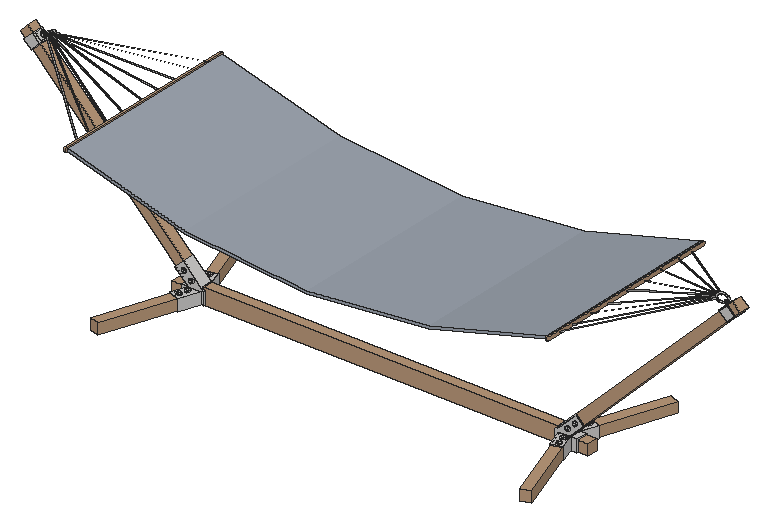
Revit family
Parameters
  Wood = Wood Pane
  Subcategory = "Outdoor Furniture"  # constant formula
  SmartBIM Object Version = 3  # constant formula
  SmartBIM Object Created By = "SMARTBIM, LLC"  # constant formula
  Metal = Steel
  Manufacturer = "SMARTBIM"
  Default Elevation = 4' - 0"
  Cloth = Fabric
  Assembly Code = "E2020500"
  95 CSI = "02870"  # constant formula
  04 CSI = "12 93 00"  # constant formula
Reference planes (in)
  plane 1 "Center (Front/Back)": y = -0.63654
  plane 2: z = 0
  plane 3 "Center (Left/Right)": x = -5.10105
  plane 4: x = -39.10105
  plane 5: x = 28.89895
  plane 6: y = -18.98029
  plane 7: y = 17.70721
  plane 8: z = 4
  plane 9: z = 3
  plane 10: y = 0.36346
  plane 11: y = -1.63654
  plane 12: x = -44.53855
  plane 13: x = -42.53855
  plane 14: z = 35.75
  plane 15: z = 0.375
  plane 16: z = 1.375
  plane 17: z = 0.25
  plane 18: z = 0.125
  plane 19: z = 30.4375
  plane 20: x = -50.88949
  plane 21: x = -73.29263
Forms (in)
  Extrusion 1, solid, material "Wood Pane" <- "Wood"
    sketch origin (0, -0.63654, 0.375) x (1, 0, 0) y (0, 0, 1)
      loop
        line (-39.10105, 2.1875) -> (-39.10105, 0) -> (28.89895, 0) -> (28.89895, 2.1875) -> (28.52008, 3)
        arc (28.52008, 3) -> (-5.10105, 4) -> (-38.72217, 3) r 565.69002
        line (-38.72217, 3) -> (-39.10105, 2.1875)
    from -1 to 1
  Extrusion 2, solid, material "Wood Pane" <- "Wood"
    sketch origin (-0.24845, -6.46645, 0.375) x (0.984808, -0.173648, 0) y (0.173648, 0.984808, 0)
      loop
        line (-39.10105, -1.99014) -> (-41.07431, -1.66423) -> (-43.9992, -19.37312) -> (-42.02594, -19.69904) -> (-39.10105, -1.99014)
    from 0 to 2
  Extrusion 3, solid, material "Wood Pane" <- "Wood"
    sketch origin (0.18944, 0.36346, 0.375) x (1, 0, 0) y (0, 0, 1)
      loop
        line (-38.63286, 2.315) -> (-72.06786, 35.75) -> (-73.48207, 34.33579) -> (-40.04707, 0.90079) -> (-38.63286, 2.315)
    from 0 to 2
  Extrusion 4, solid, material "Steel" <- "Metal"
    sketch origin (0, -0.63654, 0.375) x (1, 0, 0) y (0, 0, 1)
      loop
        line (-42.24412, 6.29248) -> (-43.83511, 4.70149) -> (-41.13362, 2) -> (-39.10105, 2) -> (-39.10105, 0) -> (-38.35503, 0) -> (-38.35503, 2.40339) -> (-42.24412, 6.29248)
    from 1 to 1.125
  Extrusion 5, solid, material "Steel" <- "Metal"
    sketch origin (-45.05662, -18.56849, 0.375) x (-0.943347, 0.331809, 0) y (0, 0, -1)
      loop
        line (2, -2) -> (2, 0) -> (0, 0) -> (0, -2) -> (2, -2)
      loop
        line (2.125, -2.125) -> (2.125, 0.125) -> (-0.125, 0.125) -> (-0.125, -2.125) -> (2.125, -2.125)
    from -17.94881 to -13.94881
  Extrusion 6, solid, material "Steel" <- "Metal"
    sketch origin (0, 0, 0.375) x (1, 0, 0) y (0, 1, 0)
      loop
        line (-40.86554, -2.4274) -> (-41.09166, -2.81906) -> (-40.86554, -3.21072) -> (-40.41329, -3.21072) -> (-40.18717, -2.81906) -> (-40.41329, -2.4274) -> (-40.86554, -2.4274)
    from 2.125 to 2.25
  Blend 7, solid, material "Steel" <- "Metal"
    base sketch origin (0, 0, 0.375) x (1, 0, 0) y (0, 1, 0)
      loop
        line (-40.86554, -2.4274) -> (-41.09166, -2.81906) -> (-40.86554, -3.21072) -> (-40.41329, -3.21072) -> (-40.18717, -2.81906) -> (-40.41329, -2.4274) -> (-40.86554, -2.4274)
    top sketch origin (0, 0, 0.375) x (1, 0, 0) y (0, 1, 0)
      loop
        line (-40.79337, -2.5524) -> (-40.94733, -2.81906) -> (-40.79337, -3.08572) -> (-40.48546, -3.08572) -> (-40.3315, -2.81906) -> (-40.48546, -2.5524) -> (-40.79337, -2.5524)
    from 2.25 to 2.375
  Extrusion 8, solid, material "Steel" <- "Metal"
    sketch origin (-0.46353, -1.42658, 0.375) x (1, 0, 0) y (0, 1, 0)
      loop
        line (-40.86554, -2.4274) -> (-41.09166, -2.81906) -> (-40.86554, -3.21072) -> (-40.41329, -3.21072) -> (-40.18717, -2.81906) -> (-40.41329, -2.4274) -> (-40.86554, -2.4274)
    from 2.125 to 2.25
  Blend 9, solid, material "Steel" <- "Metal"
    base sketch origin (-0.46353, -1.42658, 0.375) x (1, 0, 0) y (0, 1, 0)
      loop
        line (-40.86554, -2.4274) -> (-41.09166, -2.81906) -> (-40.86554, -3.21072) -> (-40.41329, -3.21072) -> (-40.18717, -2.81906) -> (-40.41329, -2.4274) -> (-40.86554, -2.4274)
    top sketch origin (-0.46353, -1.42658, 0.375) x (1, 0, 0) y (0, 1, 0)
      loop
        line (-40.79337, -2.5524) -> (-40.94733, -2.81906) -> (-40.79337, -3.08572) -> (-40.48546, -3.08572) -> (-40.3315, -2.81906) -> (-40.48546, -2.5524) -> (-40.79337, -2.5524)
    from 2.25 to 2.375
  Extrusion 10, solid, material "Steel" <- "Metal"
    sketch origin (-0.46353, -1.42658, 2.375) x (0, -1, 0) y (1, 0, 0)
      loop
        line (2.4274, -40.86554) -> (2.81906, -41.09166) -> (3.21072, -40.86554) -> (3.21072, -40.41329) -> (2.81906, -40.18717) -> (2.4274, -40.41329) -> (2.4274, -40.86554)
    from -2.125 to -2.25
  Blend 11, solid, material "Steel" <- "Metal"
    base sketch origin (-0.46353, -1.42658, 2.375) x (0, -1, 0) y (1, 0, 0)
      loop
        line (2.4274, -40.86554) -> (2.81906, -41.09166) -> (3.21072, -40.86554) -> (3.21072, -40.41329) -> (2.81906, -40.18717) -> (2.4274, -40.41329) -> (2.4274, -40.86554)
    top sketch origin (-0.46353, -1.42658, 2.375) x (0, -1, 0) y (1, 0, 0)
      loop
        line (2.5524, -40.79337) -> (2.81906, -40.94733) -> (3.08572, -40.79337) -> (3.08572, -40.48546) -> (2.81906, -40.3315) -> (2.5524, -40.48546) -> (2.5524, -40.79337)
    from -2.25 to -2.375
  Extrusion 12, solid, material "Steel" <- "Metal"
    sketch origin (0, 0, 2.375) x (0, -1, 0) y (1, 0, 0)
      loop
        line (2.4274, -40.86554) -> (2.81906, -41.09166) -> (3.21072, -40.86554) -> (3.21072, -40.41329) -> (2.81906, -40.18717) -> (2.4274, -40.41329) -> (2.4274, -40.86554)
    from -2.125 to -2.25
  Blend 13, solid, material "Steel" <- "Metal"
    base sketch origin (0, 0, 2.375) x (0, -1, 0) y (1, 0, 0)
      loop
        line (2.4274, -40.86554) -> (2.81906, -41.09166) -> (3.21072, -40.86554) -> (3.21072, -40.41329) -> (2.81906, -40.18717) -> (2.4274, -40.41329) -> (2.4274, -40.86554)
    top sketch origin (0, 0, 2.375) x (0, -1, 0) y (1, 0, 0)
      loop
        line (2.5524, -40.79337) -> (2.81906, -40.94733) -> (3.08572, -40.79337) -> (3.08572, -40.48546) -> (2.81906, -40.3315) -> (2.5524, -40.48546) -> (2.5524, -40.79337)
    from -2.25 to -2.375
  Extrusion 14, solid, material "Steel" <- "Metal"
    sketch origin (0, -0.63654, 0) x (1, 0, 0) y (0, 0, 1)
      loop
        line (-42.56095, 5.25719) -> (-42.56095, 4.81754) -> (-42.1802, 4.59771) -> (-41.79945, 4.81754) -> (-41.79945, 5.25719) -> (-42.1802, 5.47701) -> (-42.56095, 5.25719)
    from 1.125 to 1.25
  Blend 15, solid, material "Steel" <- "Metal"
    base sketch origin (0, -0.63654, 0) x (1, 0, 0) y (0, 0, 1)
      loop
        line (-42.1802, 5.47701) -> (-42.56095, 5.25719) -> (-42.56095, 4.81754) -> (-42.1802, 4.59771) -> (-41.79945, 4.81754) -> (-41.79945, 5.25719) -> (-42.1802, 5.47701)
    top sketch origin (0, -0.63654, 0) x (1, 0, 0) y (0, 0, 1)
      loop
        line (-42.1802, 5.33268) -> (-42.43595, 5.18502) -> (-42.43595, 4.88971) -> (-42.1802, 4.74205) -> (-41.92445, 4.88971) -> (-41.92445, 5.18502) -> (-42.1802, 5.33268)
    from 1.25 to 1.375
  Extrusion 16, solid, material "Steel" <- "Metal"
    sketch origin (1.40873, -0.63654, -1.31366) x (1, 0, 0) y (0, 0, 1)
      loop
        line (-42.56095, 5.25719) -> (-42.56095, 4.81754) -> (-42.1802, 4.59771) -> (-41.79945, 4.81754) -> (-41.79945, 5.25719) -> (-42.1802, 5.47701) -> (-42.56095, 5.25719)
    from 1.125 to 1.25
  Blend 17, solid, material "Steel" <- "Metal"
    base sketch origin (1.40873, -0.63654, -1.31366) x (1, 0, 0) y (0, 0, 1)
      loop
        line (-42.1802, 5.47701) -> (-42.56095, 5.25719) -> (-42.56095, 4.81754) -> (-42.1802, 4.59771) -> (-41.79945, 4.81754) -> (-41.79945, 5.25719) -> (-42.1802, 5.47701)
    top sketch origin (1.40873, -0.63654, -1.31366) x (1, 0, 0) y (0, 0, 1)
      loop
        line (-42.1802, 5.33268) -> (-42.43595, 5.18502) -> (-42.43595, 4.88971) -> (-42.1802, 4.74205) -> (-41.92445, 4.88971) -> (-41.92445, 5.18502) -> (-42.1802, 5.33268)
    from 1.25 to 1.375
  Extrusion 18, solid, material "Steel" <- "Metal"
    sketch origin (-77.88883, 0.36346, 42.13541) x (-0.707107, 0, -0.707107) y (0, -1, 0)
      loop
        line (0, 0) -> (2, 0) -> (2, 2) -> (0, 2) -> (0, 0)
      loop
        line (2.125, -0.125) -> (2.125, 2.125) -> (-0.125, 2.125) -> (-0.125, -0.125) -> (2.125, -0.125)
    from -11.77459 to -9.77459
  Extrusion 19, solid, material "Steel" <- "Metal"
    sketch origin (-77.80044, -1.63654, 42.2238) x (0, -1, 0) y (0.707107, 0, -0.707107)
      loop
        line (-1.625, 10.02459) -> (-0.375, 10.02459) -> (-0.375, 11.52459) -> (-1.625, 11.52459) -> (-1.625, 10.02459)
    from 0 to 0.04545
  Extrusion 20, solid, material "Steel" <- "Metal"
    sketch origin (-77.7683, -1.63654, 42.25594) x (0, -1, 0) y (0.707107, 0, -0.707107)
      loop
        line (-0.9632, 10.58377) -> (-0.9632, 10.81148) -> (-1.08826, 10.81148) -> (-1.08826, 10.58377) -> (-0.9632, 10.58377)
    from 0 to 0.07621
  Extrusion 21, solid, material "Steel" <- "Metal"
    sketch origin (0.08278, -0.63654, 0.08278) x (1, 0, 0) y (0, 0, 1)
      loop
        circle (-69.99944, 34.89187) r 0.32709
      loop
        circle (-69.99944, 34.89187) r 0.25
    from -0.08826 to 0.0368
  Sweep 22, solid, material "Steel" <- "Metal"
    path origin (-79.24389, -1.63654, 31.03753) x (0, -1, 0) y (0.927184, 0, 0.374607)
      loop
        circle (-1.32224, 11.09279) r 0.96422
    profile origin (-68.06483, -0.3143, 35.55416) x (-0.927184, 0, -0.374607) y (-0.374607, 0, 0.927184)
      loop
        circle (0, 0) r 0.10305
  Extrusion 23, solid, material "Wood Pane" <- "Wood"
    sketch origin (-5.10105, 0, 0) x (0, 1, 0) y (0, 0, 1)
      loop
        line (17.70721, 30.4375) -> (-18.98029, 30.4375)
        arc (-18.98029, 30.4375) -> (-19.32404, 30.09375) -> (-18.98029, 29.75) r 0.34375
        line (-18.98029, 29.75) -> (17.70721, 29.75)
        arc (17.70721, 29.75) -> (18.05096, 30.09375) -> (17.70721, 30.4375) r 0.34375
    from -45.78845 to -45.47595
  Sweep 24, solid, material "Steel" <- "Metal"
    path origin (0, -0.63654, 0.31517) x (1, 0, 0) y (0, 0, 1)
      loop
        line (-68.04953, 35.18444) -> (-50.88949, 29.75)
    profile origin (-59.46951, -0.63654, 32.78239) x (0.301913, 0, 0.953335) y (0, -1, 0)
      loop
        circle (0, -0.25) r 0.0558
  Sweep 25, solid, material "Steel" <- "Metal"
    path origin (-1.92223, -16.99814, 0.31517) x (0.970296, -0.241922, 0) y (0, 0, -1)
      loop
        line (-68.09689, -35.19944) -> (-50.4216, -29.60182)
    profile origin (-59.42123, -2.66203, 32.71581) x (-0.292945, 0.073039, -0.953335) y (0.241922, 0.970296, 0)
      loop
        circle (0, -0.25) r 0.0558
  Sweep 26, solid, material "Steel" <- "Metal"
    path origin (-6.33526, -29.44906, 0.31517) x (0.906308, -0.422618, 0) y (0, 0, -1)
      loop
        line (-68.09689, -35.19944) -> (-49.11198, -29.75561)
    profile origin (-59.44892, -4.68175, 32.7927) x (-0.249812, 0.116489, -0.961262) y (0.422618, 0.906308, 0)
      loop
        circle (0, -0.25) r 0.0558
  Sweep 27, solid, material "Steel" <- "Metal"
    path origin (-12.38373, -39.81714, 0.31517) x (0.819152, -0.573576, 0) y (0, 0, -1)
      loop
        line (-68.09689, -35.19944) -> (-46.79956, -29.68369)
    profile origin (-59.44257, -6.8662, 32.75674) x (-0.205374, 0.143805, -0.968061) y (0.573576, 0.819152, 0)
      loop
        circle (0, -0.25) r 0.0558
  Sweep 28, solid, material "Steel" <- "Metal"
    path origin (-16.36527, -44.85718, 0.31517) x (0.765755, -0.643132, 0) y (0, 0, -1)
      loop
        line (-68.23577, -35.03047) -> (-44.82916, -29.72666)
    profile origin (-59.65529, -8.49932, 32.69374) x (-0.169226, 0.142127, -0.975276) y (0.643132, 0.765755, 0)
      loop
        circle (0, -0.25) r 0.0558
  Sweep 29, solid, material "Steel" <- "Metal"
    path origin (-1.92223, 15.72506, 0.31517) x (0.970296, 0.241922, 0) y (0, 0, 1)
      loop
        line (-68.09689, 35.19944) -> (-50.4216, 29.60182)
    profile origin (-59.42123, 1.38895, 32.71581) x (0.292945, 0.073039, 0.953335) y (0.241922, -0.970296, 0)
      loop
        circle (0, -0.25) r 0.0558
  Sweep 30, solid, material "Steel" <- "Metal"
    path origin (-6.33526, 28.17598, 0.31517) x (0.906308, 0.422618, 0) y (0, 0, 1)
      loop
        line (-68.09689, 35.19944) -> (-49.11198, 29.75561)
    profile origin (-59.44892, 3.40867, 32.7927) x (0.249812, 0.116489, 0.961262) y (0.422618, -0.906308, 0)
      loop
        circle (0, -0.25) r 0.0558
  Sweep 31, solid, material "Steel" <- "Metal"
    path origin (-12.38373, 38.54407, 0.31517) x (0.819152, 0.573576, 0) y (0, 0, 1)
      loop
        line (-68.09689, 35.19944) -> (-46.79956, 29.68369)
    profile origin (-59.44257, 5.59312, 32.75674) x (0.205374, 0.143805, 0.968061) y (0.573576, -0.819152, 0)
      loop
        circle (0, -0.25) r 0.0558
  Sweep 32, solid, material "Steel" <- "Metal"
    path origin (-16.36527, 43.5841, 0.31517) x (0.765755, 0.643132, 0) y (0, 0, 1)
      loop
        line (-67.62383, 34.89181) -> (-44.82916, 29.72666)
    profile origin (-59.42099, 7.42302, 32.62441) x (0.169226, 0.142127, 0.975276) y (0.643132, -0.765755, 0)
      loop
        circle (0, -0.25) r 0.0558
  Extrusion 33, solid, material "Wood Pane" <- "Wood"
    sketch origin (-0.24845, 5.19338, 0.375) x (0.984808, 0.173648, 0) y (-0.173648, 0.984808, 0)
      loop
        line (-39.10105, 1.99014) -> (-42.02594, 19.69904) -> (-43.9992, 19.37312) -> (-41.07431, 1.66423) -> (-39.10105, 1.99014)
    from 0 to 2
  Extrusion 34, solid, material "Steel" <- "Metal"
    sketch origin (0, -0.63654, 0.375) x (1, 0, 0) y (0, 0, -1)
      loop
        line (-42.24412, -6.29248) -> (-38.35503, -2.40339) -> (-38.35503, 0) -> (-39.10105, 0) -> (-39.10105, -2) -> (-41.13362, -2) -> (-43.83511, -4.70149) -> (-42.24412, -6.29248)
    from 1 to 1.125
  Extrusion 35, solid, material "Steel" <- "Metal"
    sketch origin (-45.05662, 17.29541, 0.375) x (-0.943347, -0.331809, 0) y (0, 0, 1)
      loop
        line (2, 2) -> (0, 2) -> (0, 0) -> (2, 0) -> (2, 2)
      loop
        line (2.125, 2.125) -> (-0.125, 2.125) -> (-0.125, -0.125) -> (2.125, -0.125) -> (2.125, 2.125)
    from -17.94881 to -13.94881
  Extrusion 36, solid, material "Steel" <- "Metal"
    sketch origin (0, -1.27308, 0.375) x (1, 0, 0) y (0, 1, 0)
      loop
        line (-40.86554, 2.4274) -> (-40.41329, 2.4274) -> (-40.18717, 2.81906) -> (-40.41329, 3.21072) -> (-40.86554, 3.21072) -> (-41.09166, 2.81906) -> (-40.86554, 2.4274)
    from 2.125 to 2.25
  Blend 37, solid, material "Steel" <- "Metal"
    base sketch origin (0, -1.27308, 0.375) x (1, 0, 0) y (0, 1, 0)
      loop
        line (-40.86554, 2.4274) -> (-40.41329, 2.4274) -> (-40.18717, 2.81906) -> (-40.41329, 3.21072) -> (-40.86554, 3.21072) -> (-41.09166, 2.81906) -> (-40.86554, 2.4274)
    top sketch origin (0, -1.27308, 0.375) x (1, 0, 0) y (0, 1, 0)
      loop
        line (-40.79337, 2.5524) -> (-40.48546, 2.5524) -> (-40.3315, 2.81906) -> (-40.48546, 3.08572) -> (-40.79337, 3.08572) -> (-40.94733, 2.81906) -> (-40.79337, 2.5524)
    from 2.25 to 2.375
  Extrusion 38, solid, material "Steel" <- "Metal"
    sketch origin (-0.46353, 0.15351, 0.375) x (1, 0, 0) y (0, 1, 0)
      loop
        line (-40.86554, 2.4274) -> (-40.41329, 2.4274) -> (-40.18717, 2.81906) -> (-40.41329, 3.21072) -> (-40.86554, 3.21072) -> (-41.09166, 2.81906) -> (-40.86554, 2.4274)
    from 2.125 to 2.25
  Blend 39, solid, material "Steel" <- "Metal"
    base sketch origin (-0.46353, 0.15351, 0.375) x (1, 0, 0) y (0, 1, 0)
      loop
        line (-40.86554, 2.4274) -> (-40.41329, 2.4274) -> (-40.18717, 2.81906) -> (-40.41329, 3.21072) -> (-40.86554, 3.21072) -> (-41.09166, 2.81906) -> (-40.86554, 2.4274)
    top sketch origin (-0.46353, 0.15351, 0.375) x (1, 0, 0) y (0, 1, 0)
      loop
        line (-40.79337, 2.5524) -> (-40.48546, 2.5524) -> (-40.3315, 2.81906) -> (-40.48546, 3.08572) -> (-40.79337, 3.08572) -> (-40.94733, 2.81906) -> (-40.79337, 2.5524)
    from 2.25 to 2.375
  Extrusion 40, solid, material "Steel" <- "Metal"
    sketch origin (-0.46353, 0.15351, 2.375) x (0, -1, 0) y (1, 0, 0)
      loop
        line (-2.4274, -40.86554) -> (-2.4274, -40.41329) -> (-2.81906, -40.18717) -> (-3.21072, -40.41329) -> (-3.21072, -40.86554) -> (-2.81906, -41.09166) -> (-2.4274, -40.86554)
    from -2.125 to -2.25
  Blend 41, solid, material "Steel" <- "Metal"
    base sketch origin (-0.46353, 0.15351, 2.375) x (0, -1, 0) y (1, 0, 0)
      loop
        line (-2.4274, -40.86554) -> (-2.4274, -40.41329) -> (-2.81906, -40.18717) -> (-3.21072, -40.41329) -> (-3.21072, -40.86554) -> (-2.81906, -41.09166) -> (-2.4274, -40.86554)
    top sketch origin (-0.46353, 0.15351, 2.375) x (0, -1, 0) y (1, 0, 0)
      loop
        line (-2.5524, -40.79337) -> (-2.5524, -40.48546) -> (-2.81906, -40.3315) -> (-3.08572, -40.48546) -> (-3.08572, -40.79337) -> (-2.81906, -40.94733) -> (-2.5524, -40.79337)
    from -2.25 to -2.375
  Extrusion 42, solid, material "Steel" <- "Metal"
    sketch origin (0, -1.27308, 2.375) x (0, -1, 0) y (1, 0, 0)
      loop
        line (-2.4274, -40.86554) -> (-2.4274, -40.41329) -> (-2.81906, -40.18717) -> (-3.21072, -40.41329) -> (-3.21072, -40.86554) -> (-2.81906, -41.09166) -> (-2.4274, -40.86554)
    from -2.125 to -2.25
  Blend 43, solid, material "Steel" <- "Metal"
    base sketch origin (0, -1.27308, 2.375) x (0, -1, 0) y (1, 0, 0)
      loop
        line (-2.4274, -40.86554) -> (-2.4274, -40.41329) -> (-2.81906, -40.18717) -> (-3.21072, -40.41329) -> (-3.21072, -40.86554) -> (-2.81906, -41.09166) -> (-2.4274, -40.86554)
    top sketch origin (0, -1.27308, 2.375) x (0, -1, 0) y (1, 0, 0)
      loop
        line (-2.5524, -40.79337) -> (-2.5524, -40.48546) -> (-2.81906, -40.3315) -> (-3.08572, -40.48546) -> (-3.08572, -40.79337) -> (-2.81906, -40.94733) -> (-2.5524, -40.79337)
    from -2.25 to -2.375
  Extrusion 44, solid, material "Steel" <- "Metal"
    sketch origin (0, -0.63654, 0) x (1, 0, 0) y (0, 0, -1)
      loop
        line (-42.56095, -5.25719) -> (-42.1802, -5.47701) -> (-41.79945, -5.25719) -> (-41.79945, -4.81754) -> (-42.1802, -4.59771) -> (-42.56095, -4.81754) -> (-42.56095, -5.25719)
    from 1.125 to 1.25
  Blend 45, solid, material "Steel" <- "Metal"
    base sketch origin (0, -0.63654, 0) x (1, 0, 0) y (0, 0, -1)
      loop
        line (-42.1802, -5.47701) -> (-41.79945, -5.25719) -> (-41.79945, -4.81754) -> (-42.1802, -4.59771) -> (-42.56095, -4.81754) -> (-42.56095, -5.25719) -> (-42.1802, -5.47701)
    top sketch origin (0, -0.63654, 0) x (1, 0, 0) y (0, 0, -1)
      loop
        line (-42.1802, -5.33268) -> (-41.92445, -5.18502) -> (-41.92445, -4.88971) -> (-42.1802, -4.74205) -> (-42.43595, -4.88971) -> (-42.43595, -5.18502) -> (-42.1802, -5.33268)
    from 1.25 to 1.375
  Extrusion 46, solid, material "Steel" <- "Metal"
    sketch origin (1.40873, -0.63654, -1.31366) x (1, 0, 0) y (0, 0, -1)
      loop
        line (-42.56095, -5.25719) -> (-42.1802, -5.47701) -> (-41.79945, -5.25719) -> (-41.79945, -4.81754) -> (-42.1802, -4.59771) -> (-42.56095, -4.81754) -> (-42.56095, -5.25719)
    from 1.125 to 1.25
  Blend 47, solid, material "Steel" <- "Metal"
    base sketch origin (1.40873, -0.63654, -1.31366) x (1, 0, 0) y (0, 0, -1)
      loop
        line (-42.1802, -5.47701) -> (-41.79945, -5.25719) -> (-41.79945, -4.81754) -> (-42.1802, -4.59771) -> (-42.56095, -4.81754) -> (-42.56095, -5.25719) -> (-42.1802, -5.47701)
    top sketch origin (1.40873, -0.63654, -1.31366) x (1, 0, 0) y (0, 0, -1)
      loop
        line (-42.1802, -5.33268) -> (-41.92445, -5.18502) -> (-41.92445, -4.88971) -> (-42.1802, -4.74205) -> (-42.43595, -4.88971) -> (-42.43595, -5.18502) -> (-42.1802, -5.33268)
    from 1.25 to 1.375
  Extrusion 48, solid, material "Wood Pane" <- "Wood"
    sketch origin (-9.95364, -6.46645, 0.375) x (-0.984808, -0.173648, 0) y (0.173648, -0.984808, 0)
      loop
        line (-39.10105, 1.99014) -> (-42.02594, 19.69904) -> (-43.9992, 19.37312) -> (-41.07431, 1.66423) -> (-39.10105, 1.99014)
    from 0 to 2
  Extrusion 49, solid, material "Wood Pane" <- "Wood"
    sketch origin (-10.39153, 0.36346, 0.375) x (-1, 0, 0) y (0, 0, -1)
      loop
        line (-38.63286, -2.315) -> (-40.04707, -0.90079) -> (-73.48207, -34.33579) -> (-72.06786, -35.75) -> (-38.63286, -2.315)
    from 0 to 2
  Extrusion 50, solid, material "Steel" <- "Metal"
    sketch origin (-10.20209, -0.63654, 0.375) x (-1, 0, 0) y (0, 0, -1)
      loop
        line (-42.24412, -6.29248) -> (-38.35503, -2.40339) -> (-38.35503, 0) -> (-39.10105, 0) -> (-39.10105, -2) -> (-41.13362, -2) -> (-43.83511, -4.70149) -> (-42.24412, -6.29248)
    from 1 to 1.125
  Extrusion 51, solid, material "Steel" <- "Metal"
    sketch origin (34.85453, -18.56849, 0.375) x (0.943347, 0.331809, 0) y (0, 0, 1)
      loop
        line (2, 2) -> (0, 2) -> (0, 0) -> (2, 0) -> (2, 2)
      loop
        line (2.125, 2.125) -> (-0.125, 2.125) -> (-0.125, -0.125) -> (2.125, -0.125) -> (2.125, 2.125)
    from -17.94881 to -13.94881
  Extrusion 52, solid, material "Steel" <- "Metal"
    sketch origin (-10.20209, 0, 0.375) x (-1, 0, 0) y (0, -1, 0)
      loop
        line (-40.86554, 2.4274) -> (-40.41329, 2.4274) -> (-40.18717, 2.81906) -> (-40.41329, 3.21072) -> (-40.86554, 3.21072) -> (-41.09166, 2.81906) -> (-40.86554, 2.4274)
    from 2.125 to 2.25
  Blend 53, solid, material "Steel" <- "Metal"
    base sketch origin (-10.20209, 0, 0.375) x (-1, 0, 0) y (0, -1, 0)
      loop
        line (-40.86554, 2.4274) -> (-40.41329, 2.4274) -> (-40.18717, 2.81906) -> (-40.41329, 3.21072) -> (-40.86554, 3.21072) -> (-41.09166, 2.81906) -> (-40.86554, 2.4274)
    top sketch origin (-10.20209, 0, 0.375) x (-1, 0, 0) y (0, -1, 0)
      loop
        line (-40.79337, 2.5524) -> (-40.48546, 2.5524) -> (-40.3315, 2.81906) -> (-40.48546, 3.08572) -> (-40.79337, 3.08572) -> (-40.94733, 2.81906) -> (-40.79337, 2.5524)
    from 2.25 to 2.375
  Extrusion 54, solid, material "Steel" <- "Metal"
    sketch origin (-9.73856, -1.42658, 0.375) x (-1, 0, 0) y (0, -1, 0)
      loop
        line (-40.86554, 2.4274) -> (-40.41329, 2.4274) -> (-40.18717, 2.81906) -> (-40.41329, 3.21072) -> (-40.86554, 3.21072) -> (-41.09166, 2.81906) -> (-40.86554, 2.4274)
    from 2.125 to 2.25
  Blend 55, solid, material "Steel" <- "Metal"
    base sketch origin (-9.73856, -1.42658, 0.375) x (-1, 0, 0) y (0, -1, 0)
      loop
        line (-40.86554, 2.4274) -> (-40.41329, 2.4274) -> (-40.18717, 2.81906) -> (-40.41329, 3.21072) -> (-40.86554, 3.21072) -> (-41.09166, 2.81906) -> (-40.86554, 2.4274)
    top sketch origin (-9.73856, -1.42658, 0.375) x (-1, 0, 0) y (0, -1, 0)
      loop
        line (-40.79337, 2.5524) -> (-40.48546, 2.5524) -> (-40.3315, 2.81906) -> (-40.48546, 3.08572) -> (-40.79337, 3.08572) -> (-40.94733, 2.81906) -> (-40.79337, 2.5524)
    from 2.25 to 2.375
  Extrusion 56, solid, material "Steel" <- "Metal"
    sketch origin (-9.73856, -1.42658, 2.375) x (0, 1, 0) y (-1, 0, 0)
      loop
        line (-2.4274, -40.86554) -> (-2.4274, -40.41329) -> (-2.81906, -40.18717) -> (-3.21072, -40.41329) -> (-3.21072, -40.86554) -> (-2.81906, -41.09166) -> (-2.4274, -40.86554)
    from -2.125 to -2.25
  Blend 57, solid, material "Steel" <- "Metal"
    base sketch origin (-9.73856, -1.42658, 2.375) x (0, 1, 0) y (-1, 0, 0)
      loop
        line (-2.4274, -40.86554) -> (-2.4274, -40.41329) -> (-2.81906, -40.18717) -> (-3.21072, -40.41329) -> (-3.21072, -40.86554) -> (-2.81906, -41.09166) -> (-2.4274, -40.86554)
    top sketch origin (-9.73856, -1.42658, 2.375) x (0, 1, 0) y (-1, 0, 0)
      loop
        line (-2.5524, -40.79337) -> (-2.5524, -40.48546) -> (-2.81906, -40.3315) -> (-3.08572, -40.48546) -> (-3.08572, -40.79337) -> (-2.81906, -40.94733) -> (-2.5524, -40.79337)
    from -2.25 to -2.375
  Extrusion 58, solid, material "Steel" <- "Metal"
    sketch origin (-10.20209, 0, 2.375) x (0, 1, 0) y (-1, 0, 0)
      loop
        line (-2.4274, -40.86554) -> (-2.4274, -40.41329) -> (-2.81906, -40.18717) -> (-3.21072, -40.41329) -> (-3.21072, -40.86554) -> (-2.81906, -41.09166) -> (-2.4274, -40.86554)
    from -2.125 to -2.25
  Blend 59, solid, material "Steel" <- "Metal"
    base sketch origin (-10.20209, 0, 2.375) x (0, 1, 0) y (-1, 0, 0)
      loop
        line (-2.4274, -40.86554) -> (-2.4274, -40.41329) -> (-2.81906, -40.18717) -> (-3.21072, -40.41329) -> (-3.21072, -40.86554) -> (-2.81906, -41.09166) -> (-2.4274, -40.86554)
    top sketch origin (-10.20209, 0, 2.375) x (0, 1, 0) y (-1, 0, 0)
      loop
        line (-2.5524, -40.79337) -> (-2.5524, -40.48546) -> (-2.81906, -40.3315) -> (-3.08572, -40.48546) -> (-3.08572, -40.79337) -> (-2.81906, -40.94733) -> (-2.5524, -40.79337)
    from -2.25 to -2.375
  Extrusion 60, solid, material "Steel" <- "Metal"
    sketch origin (0, -0.63654, 0) x (-1, 0, 0) y (0, 0, -1)
      loop
        line (-32.35886, -5.25719) -> (-31.97811, -5.47701) -> (-31.59736, -5.25719) -> (-31.59736, -4.81754) -> (-31.97811, -4.59771) -> (-32.35886, -4.81754) -> (-32.35886, -5.25719)
    from 1.125 to 1.25
  Blend 61, solid, material "Steel" <- "Metal"
    base sketch origin (0, -0.63654, 0) x (-1, 0, 0) y (0, 0, -1)
      loop
        line (-31.97811, -5.47701) -> (-31.59736, -5.25719) -> (-31.59736, -4.81754) -> (-31.97811, -4.59771) -> (-32.35886, -4.81754) -> (-32.35886, -5.25719) -> (-31.97811, -5.47701)
    top sketch origin (0, -0.63654, 0) x (-1, 0, 0) y (0, 0, -1)
      loop
        line (-31.97811, -5.33268) -> (-31.72236, -5.18502) -> (-31.72236, -4.88971) -> (-31.97811, -4.74205) -> (-32.23386, -4.88971) -> (-32.23386, -5.18502) -> (-31.97811, -5.33268)
    from 1.25 to 1.375
  Extrusion 62, solid, material "Steel" <- "Metal"
    sketch origin (1.40873, -0.63654, -1.31366) x (-1, 0, 0) y (0, 0, -1)
      loop
        line (-29.5414, -5.25719) -> (-29.16065, -5.47701) -> (-28.7799, -5.25719) -> (-28.7799, -4.81754) -> (-29.16065, -4.59771) -> (-29.5414, -4.81754) -> (-29.5414, -5.25719)
    from 1.125 to 1.25
  Blend 63, solid, material "Steel" <- "Metal"
    base sketch origin (1.40873, -0.63654, -1.31366) x (-1, 0, 0) y (0, 0, -1)
      loop
        line (-29.16065, -5.47701) -> (-28.7799, -5.25719) -> (-28.7799, -4.81754) -> (-29.16065, -4.59771) -> (-29.5414, -4.81754) -> (-29.5414, -5.25719) -> (-29.16065, -5.47701)
    top sketch origin (1.40873, -0.63654, -1.31366) x (-1, 0, 0) y (0, 0, -1)
      loop
        line (-29.16065, -5.33268) -> (-28.9049, -5.18502) -> (-28.9049, -4.88971) -> (-29.16065, -4.74205) -> (-29.4164, -4.88971) -> (-29.4164, -5.18502) -> (-29.16065, -5.33268)
    from 1.25 to 1.375
  Extrusion 64, solid, material "Steel" <- "Metal"
    sketch origin (67.68674, 0.36346, 42.13541) x (0.707107, 0, -0.707107) y (0, 1, 0)
      loop
        line (0, 0) -> (0, -2) -> (2, -2) -> (2, 0) -> (0, 0)
      loop
        line (2.125, 0.125) -> (-0.125, 0.125) -> (-0.125, -2.125) -> (2.125, -2.125) -> (2.125, 0.125)
    from -11.77459 to -9.77459
  Extrusion 65, solid
    sketch origin (67.59835, -1.63654, 42.2238) x (0, -1, 0) y (0.707107, 0, 0.707107)
      loop
        line (-1.625, -10.02459) -> (-1.625, -11.52459) -> (-0.375, -11.52459) -> (-0.375, -10.02459) -> (-1.625, -10.02459)
    from 0 to 0.04545
  Extrusion 66, solid
    sketch origin (67.56621, -1.63654, 42.25594) x (0, -1, 0) y (0.707107, 0, 0.707107)
      loop
        line (-0.9632, -10.58377) -> (-1.08826, -10.58377) -> (-1.08826, -10.81148) -> (-0.9632, -10.81148) -> (-0.9632, -10.58377)
    from 0 to 0.07621
  Extrusion 67, solid, material "Steel" <- "Metal"
    sketch origin (0.08278, -0.63654, 0.08278) x (-1, 0, 0) y (0, 0, -1)
      loop
        circle (-59.63179, -34.89187) r 0.32709
      loop
        circle (-59.63179, -34.89187) r 0.25
    from -0.08826 to 0.0368
  Sweep 68, solid, material "Steel" <- "Metal"
    path origin (69.0418, -1.63654, 31.03753) x (0, -1, 0) y (0.927184, 0, -0.374607)
      loop
        circle (-1.32224, -11.09279) r 0.96422
    profile origin (57.86274, -0.3143, 35.55416) x (-0.927184, 0, 0.374607) y (0.374607, 0, 0.927184)
      loop
        circle (0, 0) r 0.10305
  Extrusion 69, solid, material "Wood Pane" <- "Wood"
    sketch origin (-5.10105, 0, 0) x (0, 1, 0) y (0, 0, -1)
      loop
        arc (17.70721, -30.4375) -> (18.05096, -30.09375) -> (17.70721, -29.75) r 0.34375
        line (17.70721, -29.75) -> (-18.98029, -29.75)
        arc (-18.98029, -29.75) -> (-19.32404, -30.09375) -> (-18.98029, -30.4375) r 0.34375
        line (-18.98029, -30.4375) -> (17.70721, -30.4375)
    from -45.78845 to -45.47595
  Sweep 70, solid, material "Steel" <- "Metal"
    path origin (0, -0.63654, 0.31517) x (-1, 0, 0) y (0, 0, 1)
      loop
        line (-57.84744, 35.18444) -> (-40.6874, 29.75)
    profile origin (49.26742, -0.63654, 32.78239) x (0.301913, 0, -0.953335) y (0, -1, 0)
      loop
        circle (0, -0.25) r 0.0558
  Sweep 71, solid, material "Steel" <- "Metal"
    path origin (-8.27986, -16.99814, 0.31517) x (-0.970296, -0.241922, 0) y (0, 0, 1)
      loop
        line (-68.09689, 35.19944) -> (-50.4216, 29.60182)
    profile origin (49.21914, -2.66203, 32.71581) x (-0.292945, -0.073039, 0.953335) y (-0.241922, 0.970296, 0)
      loop
        circle (0, -0.25) r 0.0558
  Sweep 72, solid, material "Steel" <- "Metal"
    path origin (-3.86683, -29.44906, 0.31517) x (-0.906308, -0.422618, 0) y (0, 0, 1)
      loop
        line (-68.09689, 35.19944) -> (-49.11198, 29.75561)
    profile origin (49.24683, -4.68175, 32.7927) x (-0.249812, -0.116489, 0.961262) y (-0.422618, 0.906308, 0)
      loop
        circle (0, -0.25) r 0.0558
  Sweep 73, solid, material "Steel" <- "Metal"
    path origin (2.18164, -39.81714, 0.31517) x (-0.819152, -0.573576, 0) y (0, 0, 1)
      loop
        line (-68.09689, 35.19944) -> (-46.79956, 29.68369)
    profile origin (49.24048, -6.8662, 32.75674) x (-0.205374, -0.143805, 0.968061) y (-0.573576, 0.819152, 0)
      loop
        circle (0, -0.25) r 0.0558
  Sweep 74, solid, material "Steel" <- "Metal"
    path origin (6.16317, -44.85718, 0.31517) x (-0.765755, -0.643132, 0) y (0, 0, 1)
      loop
        line (-68.23577, 35.03047) -> (-44.82916, 29.72666)
    profile origin (49.4532, -8.49932, 32.69374) x (-0.169226, -0.142127, 0.975276) y (-0.643132, 0.765755, 0)
      loop
        circle (0, -0.25) r 0.0558
  Sweep 75, solid, material "Steel" <- "Metal"
    path origin (-8.27986, 15.72506, 0.31517) x (-0.970296, 0.241922, 0) y (0, 0, -1)
      loop
        line (-68.09689, -35.19944) -> (-50.4216, -29.60182)
    profile origin (49.21914, 1.38895, 32.71581) x (0.292945, -0.073039, -0.953335) y (-0.241922, -0.970296, 0)
      loop
        circle (0, -0.25) r 0.0558
  Sweep 76, solid, material "Steel" <- "Metal"
    path origin (-3.86683, 28.17598, 0.31517) x (-0.906308, 0.422618, 0) y (0, 0, -1)
      loop
        line (-68.09689, -35.19944) -> (-49.11198, -29.75561)
    profile origin (49.24683, 3.40867, 32.7927) x (0.249812, -0.116489, -0.961262) y (-0.422618, -0.906308, 0)
      loop
        circle (0, -0.25) r 0.0558
  Sweep 77, solid, material "Steel" <- "Metal"
    path origin (2.18164, 38.54407, 0.31517) x (-0.819152, 0.573576, 0) y (0, 0, -1)
      loop
        line (-67.98585, -35.17068) -> (-46.79956, -29.68369)
    profile origin (49.19499, 5.62496, 32.74236) x (0.205374, -0.143805, -0.968061) y (-0.573576, -0.819152, 0)
      loop
        circle (0, -0.25) r 0.0558
  Extrusion 78, solid, material "Wood Pane" <- "Wood"
    sketch origin (-9.95364, 5.19338, 0.375) x (-0.984808, 0.173648, 0) y (-0.173648, -0.984808, 0)
      loop
        line (-39.10105, -1.99014) -> (-41.07431, -1.66423) -> (-43.9992, -19.37312) -> (-42.02594, -19.69904) -> (-39.10105, -1.99014)
    from 0 to 2
  Extrusion 79, solid, material "Steel" <- "Metal"
    sketch origin (-10.20209, -0.63654, 0.375) x (-1, 0, 0) y (0, 0, 1)
      loop
        line (-42.24412, 6.29248) -> (-43.83511, 4.70149) -> (-41.13362, 2) -> (-39.10105, 2) -> (-39.10105, 0) -> (-38.35503, 0) -> (-38.35503, 2.40339) -> (-42.24412, 6.29248)
    from 1 to 1.125
  Extrusion 80, solid, material "Steel" <- "Metal"
    sketch origin (34.85453, 17.29541, 0.375) x (0.943347, -0.331809, 0) y (0, 0, -1)
      loop
        line (2, -2) -> (2, 0) -> (0, 0) -> (0, -2) -> (2, -2)
      loop
        line (2.125, -2.125) -> (2.125, 0.125) -> (-0.125, 0.125) -> (-0.125, -2.125) -> (2.125, -2.125)
    from -17.94881 to -13.94881
  Extrusion 81, solid, material "Steel" <- "Metal"
    sketch origin (-10.20209, -1.27308, 0.375) x (-1, 0, 0) y (0, -1, 0)
      loop
        line (-40.86554, -2.4274) -> (-41.09166, -2.81906) -> (-40.86554, -3.21072) -> (-40.41329, -3.21072) -> (-40.18717, -2.81906) -> (-40.41329, -2.4274) -> (-40.86554, -2.4274)
    from 2.125 to 2.25
  Blend 82, solid, material "Steel" <- "Metal"
    base sketch origin (-10.20209, -1.27308, 0.375) x (-1, 0, 0) y (0, -1, 0)
      loop
        line (-40.86554, -2.4274) -> (-41.09166, -2.81906) -> (-40.86554, -3.21072) -> (-40.41329, -3.21072) -> (-40.18717, -2.81906) -> (-40.41329, -2.4274) -> (-40.86554, -2.4274)
    top sketch origin (-10.20209, -1.27308, 0.375) x (-1, 0, 0) y (0, -1, 0)
      loop
        line (-40.79337, -2.5524) -> (-40.94733, -2.81906) -> (-40.79337, -3.08572) -> (-40.48546, -3.08572) -> (-40.3315, -2.81906) -> (-40.48546, -2.5524) -> (-40.79337, -2.5524)
    from 2.25 to 2.375
  Extrusion 83, solid, material "Steel" <- "Metal"
    sketch origin (-9.73856, 0.15351, 0.375) x (-1, 0, 0) y (0, -1, 0)
      loop
        line (-40.86554, -2.4274) -> (-41.09166, -2.81906) -> (-40.86554, -3.21072) -> (-40.41329, -3.21072) -> (-40.18717, -2.81906) -> (-40.41329, -2.4274) -> (-40.86554, -2.4274)
    from 2.125 to 2.25
  Blend 84, solid, material "Steel" <- "Metal"
    base sketch origin (-9.73856, 0.15351, 0.375) x (-1, 0, 0) y (0, -1, 0)
      loop
        line (-40.86554, -2.4274) -> (-41.09166, -2.81906) -> (-40.86554, -3.21072) -> (-40.41329, -3.21072) -> (-40.18717, -2.81906) -> (-40.41329, -2.4274) -> (-40.86554, -2.4274)
    top sketch origin (-9.73856, 0.15351, 0.375) x (-1, 0, 0) y (0, -1, 0)
      loop
        line (-40.79337, -2.5524) -> (-40.94733, -2.81906) -> (-40.79337, -3.08572) -> (-40.48546, -3.08572) -> (-40.3315, -2.81906) -> (-40.48546, -2.5524) -> (-40.79337, -2.5524)
    from 2.25 to 2.375
  Extrusion 85, solid, material "Steel" <- "Metal"
    sketch origin (-9.73856, 0.15351, 2.375) x (0, 1, 0) y (-1, 0, 0)
      loop
        line (2.4274, -40.86554) -> (2.81906, -41.09166) -> (3.21072, -40.86554) -> (3.21072, -40.41329) -> (2.81906, -40.18717) -> (2.4274, -40.41329) -> (2.4274, -40.86554)
    from -2.125 to -2.25
  Blend 86, solid, material "Steel" <- "Metal"
    base sketch origin (-9.73856, 0.15351, 2.375) x (0, 1, 0) y (-1, 0, 0)
      loop
        line (2.4274, -40.86554) -> (2.81906, -41.09166) -> (3.21072, -40.86554) -> (3.21072, -40.41329) -> (2.81906, -40.18717) -> (2.4274, -40.41329) -> (2.4274, -40.86554)
    top sketch origin (-9.73856, 0.15351, 2.375) x (0, 1, 0) y (-1, 0, 0)
      loop
        line (2.5524, -40.79337) -> (2.81906, -40.94733) -> (3.08572, -40.79337) -> (3.08572, -40.48546) -> (2.81906, -40.3315) -> (2.5524, -40.48546) -> (2.5524, -40.79337)
    from -2.25 to -2.375
  Extrusion 87, solid, material "Steel" <- "Metal"
    sketch origin (-10.20209, -1.27308, 2.375) x (0, 1, 0) y (-1, 0, 0)
      loop
        line (2.4274, -40.86554) -> (2.81906, -41.09166) -> (3.21072, -40.86554) -> (3.21072, -40.41329) -> (2.81906, -40.18717) -> (2.4274, -40.41329) -> (2.4274, -40.86554)
    from -2.125 to -2.25
  Blend 88, solid, material "Steel" <- "Metal"
    base sketch origin (-10.20209, -1.27308, 2.375) x (0, 1, 0) y (-1, 0, 0)
      loop
        line (2.4274, -40.86554) -> (2.81906, -41.09166) -> (3.21072, -40.86554) -> (3.21072, -40.41329) -> (2.81906, -40.18717) -> (2.4274, -40.41329) -> (2.4274, -40.86554)
    top sketch origin (-10.20209, -1.27308, 2.375) x (0, 1, 0) y (-1, 0, 0)
      loop
        line (2.5524, -40.79337) -> (2.81906, -40.94733) -> (3.08572, -40.79337) -> (3.08572, -40.48546) -> (2.81906, -40.3315) -> (2.5524, -40.48546) -> (2.5524, -40.79337)
    from -2.25 to -2.375
  Extrusion 89, solid, material "Steel" <- "Metal"
    sketch origin (-10.20209, -0.63654, 0) x (-1, 0, 0) y (0, 0, 1)
      loop
        line (-42.56095, 5.25719) -> (-42.56095, 4.81754) -> (-42.1802, 4.59771) -> (-41.79945, 4.81754) -> (-41.79945, 5.25719) -> (-42.1802, 5.47701) -> (-42.56095, 5.25719)
    from 1.125 to 1.25
  Blend 90, solid, material "Steel" <- "Metal"
    base sketch origin (-10.20209, -0.63654, 0) x (-1, 0, 0) y (0, 0, 1)
      loop
        line (-42.1802, 5.47701) -> (-42.56095, 5.25719) -> (-42.56095, 4.81754) -> (-42.1802, 4.59771) -> (-41.79945, 4.81754) -> (-41.79945, 5.25719) -> (-42.1802, 5.47701)
    top sketch origin (-10.20209, -0.63654, 0) x (-1, 0, 0) y (0, 0, 1)
      loop
        line (-42.1802, 5.33268) -> (-42.43595, 5.18502) -> (-42.43595, 4.88971) -> (-42.1802, 4.74205) -> (-41.92445, 4.88971) -> (-41.92445, 5.18502) -> (-42.1802, 5.33268)
    from 1.25 to 1.375
  Extrusion 91, solid, material "Steel" <- "Metal"
    sketch origin (-11.61082, -0.63654, -1.31366) x (-1, 0, 0) y (0, 0, 1)
      loop
        line (-42.56095, 5.25719) -> (-42.56095, 4.81754) -> (-42.1802, 4.59771) -> (-41.79945, 4.81754) -> (-41.79945, 5.25719) -> (-42.1802, 5.47701) -> (-42.56095, 5.25719)
    from 1.125 to 1.25
  Blend 92, solid, material "Steel" <- "Metal"
    base sketch origin (-11.61082, -0.63654, -1.31366) x (-1, 0, 0) y (0, 0, 1)
      loop
        line (-42.1802, 5.47701) -> (-42.56095, 5.25719) -> (-42.56095, 4.81754) -> (-42.1802, 4.59771) -> (-41.79945, 4.81754) -> (-41.79945, 5.25719) -> (-42.1802, 5.47701)
    top sketch origin (-11.61082, -0.63654, -1.31366) x (-1, 0, 0) y (0, 0, 1)
      loop
        line (-42.1802, 5.33268) -> (-42.43595, 5.18502) -> (-42.43595, 4.88971) -> (-42.1802, 4.74205) -> (-41.92445, 4.88971) -> (-41.92445, 5.18502) -> (-42.1802, 5.33268)
    from 1.25 to 1.375
  Extrusion 93, solid, material "Fabric" <- "Cloth"
    sketch origin (0, -0.63654, 0) x (1, 0, 0) y (0, 0, 1)
      loop
        line (-50.57699, 30.33237) -> (-50.57699, 29.81834)
        arc (-50.57699, 29.81834) -> (-5.0861, 21.63151) -> (40.3749, 29.98275) r 129.18329
        line (40.3749, 29.98275) -> (40.3749, 30.4375) -> (40.30108, 30.4375)
        arc (40.30108, 30.4375) -> (-5.12844, 22.15676) -> (-50.57699, 30.33237) r 129.57973
    from -18.34375 to 18.34375
  Extrusion 94, solid, material "Wood Pane" <- "Wood"
    sketch origin (0, 0, 0) x (1, 0, 0) y (0, 1, 0)
      loop
        line (-39.10105, 0.36346) -> (-44.53855, 0.36346) -> (-44.53855, -1.63654) -> (-39.10105, -1.63654) -> (-39.10105, 0.36346)
    from 0.375 to 2.375
  Extrusion 95, solid, material "Steel" <- "Metal"
    sketch origin (-5.10105, 0, 0) x (0, 1, 0) y (0, 0, 1)
      loop
        line (0.36346, 0.375) -> (0.36346, 2.375) -> (-1.63654, 2.375) -> (-1.63654, 0.375) -> (0.36346, 0.375)
      loop
        line (-1.76154, 2.5) -> (-1.76154, 0.25) -> (0.48846, 0.25) -> (0.48846, 2.5) -> (-1.76154, 2.5)
    from -37.4375 to -34.75659
  Extrusion 96, solid, material "Steel" <- "Metal"
    sketch origin (-71.87842, 0.36346, 36.125) x (-0.707107, 0, -0.707107) y (0, -1, 0)
      loop
        line (2, 0) -> (2.125, 0) -> (2.125, 2) -> (2, 2) -> (2, 0)
    from -46.67223 to -41.78423
  Extrusion 97, solid, material "Steel" <- "Metal"
    sketch origin (61.67633, 0.36346, 36.125) x (0.707107, 0, -0.707107) y (0, 1, 0)
      loop
        line (2, 0) -> (2, -2) -> (2.125, -2) -> (2.125, 0) -> (2, 0)
    from -46.67223 to -41.78423
  Extrusion 98, solid, material "Steel" <- "Metal"
    sketch origin (-70.37825, 0.36346, 37.62517) x (-0.707107, 0, -0.707107) y (0, -1, 0)
      loop
        line (2, 0) -> (2.125, 0) -> (2.125, 2) -> (2, 2) -> (2, 0)
    from -46.67223 to -41.78423
  Extrusion 99, solid, material "Steel" <- "Metal"
    sketch origin (60.17616, 0.36346, 37.62517) x (0.707107, 0, -0.707107) y (0, 1, 0)
      loop
        line (2, 0) -> (2, -2) -> (2.125, -2) -> (2.125, 0) -> (2, 0)
    from -46.67223 to -41.78423
  Extrusion 100, solid, material "Wood Pane" <- "Wood"
    sketch origin (-10.20209, 0, 0) x (-1, 0, 0) y (0, -1, 0)
      loop
        line (-39.10105, -0.36346) -> (-39.10105, 1.63654) -> (-44.53855, 1.63654) -> (-44.53855, -0.36346) -> (-39.10105, -0.36346)
    from 0.375 to 2.375
  Extrusion 101, solid, material "Steel" <- "Metal"
    sketch origin (-5.10105, 0, 0) x (0, 1, 0) y (0, 0, -1)
      loop
        line (0.36346, -0.375) -> (-1.63654, -0.375) -> (-1.63654, -2.375) -> (0.36346, -2.375) -> (0.36346, -0.375)
      loop
        line (-1.76154, -2.5) -> (0.48846, -2.5) -> (0.48846, -0.25) -> (-1.76154, -0.25) -> (-1.76154, -2.5)
    from -37.4375 to -34.75659
  Sweep 102, solid, material "Steel" <- "Metal"
    path origin (6.16317, 43.5841, 0.31517) x (-0.765755, 0.643132, 0) y (0, 0, -1)
      loop
        line (-67.62383, -34.89181) -> (-44.82916, -29.72666)
    profile origin (49.2189, 7.42302, 32.62441) x (0.169226, -0.142127, -0.975276) y (-0.643132, -0.765755, 0)
      loop
        circle (0, -0.25) r 0.0558
Cuts and joins
  joined: Extrusion 1, Extrusion 2, Extrusion 3, Extrusion 33
  joined: Extrusion 4, Extrusion 5, Extrusion 34, Extrusion 35, Extrusion 95, Extrusion 96, Extrusion 98
  joined: Extrusion 50, Extrusion 79, Extrusion 99
  joined: Sweep 22, Sweep 32
Dimensions and locks (in)
  equal spacing: plane 4, plane 3 "Center (Left/Right)", plane 5
  plane 4 to plane 5 = 5' - 8"
  equal spacing: plane 7, plane 1 "Center (Front/Back)", plane 6
  plane 7 to plane 6 = 3' - 0 11/16"  (x2)
  locked: plane 1 "Center (Front/Back)" to plane 10 at 1
  locked: plane 11 to plane 1 "Center (Front/Back)" at 1
  plane 7 to plane 1 "Center (Front/Back)" to plane 6 = 1' - 6 11/32", 1' - 6 11/32"
  plane 1 "Center (Front/Back)" to plane 10 = 0' - 1"
  plane 11 to plane 1 "Center (Front/Back)" = 0' - 1"
  aligned and locked: Extrusion 4 to Extrusion 1
  aligned and locked: Extrusion 5 to Extrusion 2
  aligned and locked: Extrusion 6 to Extrusion 5
  aligned and locked: Blend 7 sketch curve to Extrusion 6  (x6)
  aligned and locked: Blend 7 to Extrusion 6
  aligned and locked: Blend 9 sketch curve to Extrusion 8  (x6)
  aligned and locked: Blend 9 to Extrusion 8
  aligned and locked: Extrusion 10 to Blend 11 sketch curve  (x4)
  aligned and locked: Blend 11 sketch curve to Extrusion 10  (x2)
  aligned and locked: Extrusion 10 to Blend 11
  aligned and locked: Extrusion 10 to Extrusion 5
  aligned and locked: Blend 11 to plane 18
  aligned and locked: Blend 11 to level
  aligned and locked: Extrusion 12 to Blend 13 sketch curve  (x4)
  aligned and locked: Blend 13 sketch curve to Extrusion 12  (x2)
  aligned and locked: Extrusion 12 to Blend 13
  aligned and locked: Blend 15 sketch curve to Extrusion 14  (x6)
  aligned and locked: Extrusion 14 to Extrusion 4
  aligned and locked: Blend 15 to Extrusion 14
  aligned and locked: Blend 17 sketch curve to Extrusion 16  (x6)
  aligned and locked: Blend 17 to Extrusion 16
  aligned and locked: Extrusion 21 to Extrusion 20
  aligned and locked: Extrusion 20 to Extrusion 21
  aligned and locked: plane 19 to Extrusion 23 sketch curve
  aligned and locked: Extrusion 23 to plane 20
  aligned and locked: Extrusion 33 to Extrusion 35
  aligned and locked: Extrusion 35 to Extrusion 36
  aligned and locked: Extrusion 36 to Blend 37 sketch curve  (x4)
  aligned and locked: Blend 37 sketch curve to Extrusion 36  (x2)
  aligned and locked: Extrusion 36 to Blend 37
  aligned and locked: Extrusion 38 to Blend 39 sketch curve  (x4)
  aligned and locked: Blend 39 sketch curve to Extrusion 38  (x2)
  aligned and locked: Extrusion 38 to Blend 39
  aligned and locked: Extrusion 40 to Blend 41 sketch curve  (x4)
  aligned and locked: Blend 41 sketch curve to Extrusion 40  (x2)
  aligned and locked: Blend 41 to Extrusion 40
  aligned and locked: Extrusion 35 to Extrusion 40
  aligned and locked: Extrusion 42 to Blend 43 sketch curve  (x4)
  aligned and locked: Blend 43 sketch curve to Extrusion 42  (x2)
  aligned and locked: Blend 43 to Extrusion 42
  aligned and locked: Blend 45 sketch curve to Extrusion 44  (x4)
  aligned and locked: Extrusion 44 to Blend 45 sketch curve  (x2)
  aligned and locked: Extrusion 34 to Extrusion 44
  aligned and locked: Extrusion 44 to Blend 45
  aligned and locked: Blend 47 sketch curve to Extrusion 46  (x4)
  aligned and locked: Extrusion 46 to Blend 47 sketch curve  (x2)
  aligned and locked: Extrusion 46 to Blend 47
  aligned and locked: Extrusion 48 to Extrusion 51
  aligned and locked: Extrusion 51 to Extrusion 52
  aligned and locked: Extrusion 52 to Blend 53 sketch curve  (x4)
  aligned and locked: Blend 53 sketch curve to Extrusion 52  (x2)
  aligned and locked: Extrusion 52 to Blend 53
  aligned and locked: Extrusion 54 to Blend 55 sketch curve  (x4)
  aligned and locked: Blend 55 sketch curve to Extrusion 54  (x2)
  aligned and locked: Extrusion 54 to Blend 55
  aligned and locked: Extrusion 56 to Blend 57 sketch curve  (x4)
  aligned and locked: Blend 57 sketch curve to Extrusion 56  (x2)
  aligned and locked: Blend 57 to Extrusion 56
  aligned and locked: Extrusion 51 to Extrusion 56
  aligned and locked: Extrusion 58 to Blend 59 sketch curve  (x4)
  aligned and locked: Blend 59 sketch curve to Extrusion 58  (x2)
  aligned and locked: Blend 59 to Extrusion 58
  aligned and locked: Blend 61 sketch curve to Extrusion 60  (x6)
  aligned and locked: Extrusion 50 to Extrusion 60
  aligned and locked: Extrusion 60 to Blend 61
  aligned and locked: Blend 63 sketch curve to Extrusion 62  (x6)
  aligned and locked: Extrusion 62 to Blend 63
  aligned and locked: Extrusion 67 to Extrusion 66
  aligned and locked: Extrusion 66 to Extrusion 67
  aligned and locked: Extrusion 80 to Extrusion 78
  aligned and locked: Extrusion 81 to Extrusion 80
  aligned and locked: Extrusion 81 to Blend 82 sketch curve  (x4)
  aligned and locked: Blend 82 sketch curve to Extrusion 81  (x2)
  aligned and locked: Blend 82 to Extrusion 81
  aligned and locked: Extrusion 83 to Blend 84 sketch curve  (x4)
  aligned and locked: Blend 84 sketch curve to Extrusion 83  (x2)
  aligned and locked: Blend 84 to Extrusion 83
  aligned and locked: Extrusion 85 to Blend 86 sketch curve  (x4)
  aligned and locked: Blend 86 sketch curve to Extrusion 85  (x2)
  aligned and locked: Extrusion 85 to Blend 86
  aligned and locked: Extrusion 85 to Extrusion 80
  aligned and locked: Extrusion 87 to Blend 88 sketch curve  (x4)
  aligned and locked: Blend 88 sketch curve to Extrusion 87  (x2)
  aligned and locked: Extrusion 87 to Blend 88
  aligned and locked: Blend 90 sketch curve to Extrusion 89  (x4)
  aligned and locked: Extrusion 89 to Blend 90 sketch curve  (x2)
  aligned and locked: Extrusion 89 to Extrusion 79
  aligned and locked: Blend 90 to Extrusion 89
  aligned and locked: Blend 92 sketch curve to Extrusion 91  (x4)
  aligned and locked: Extrusion 91 to Blend 92 sketch curve  (x2)
  aligned and locked: Blend 92 to Extrusion 91
  aligned and locked: Extrusion 93 to plane 6
  aligned and locked: Extrusion 94 to Extrusion 33
  aligned and locked: Extrusion 33 to Extrusion 94
  aligned and locked: Extrusion 95 sketch curve to Extrusion 94  (x4)
  aligned and locked: Extrusion 100 to Extrusion 101 sketch curve  (x2)
  aligned and locked: Extrusion 101 sketch curve to Extrusion 100  (x2)
  aligned and locked: plane 21 to cut or joined group of Extrusion 1, Extrusion 2, Extrusion 3, Extrusion 33
Automatic sketch dimensions
  Extrusion 1 sketch curve to plane 4 = 0' - 0"
  Extrusion 1 sketch curve to plane 3 "Center (Left/Right)" = 0' - 0"
  Extrusion 1 sketch curve to plane 5 = 0' - 0"
  Extrusion 1 sketch curve to plane 15 = 0' - 0"
  plane 4 to Extrusion 1 sketch curve = 0' - 0.37887"
  Extrusion 1 sketch curve to plane 5 = 0' - 0.37887"
  Extrusion 1 sketch curve to level = 46' - 9.31502"
  Extrusion 1 sketch curve to plane 9 = 0' - 0 7/16"  (x2)
  plane 9 to Extrusion 1 sketch curve = 0' - 0 3/8"
  Extrusion 2 sketch curve to plane 4 = 0' - 0"
  Extrusion 2 sketch curve to plane 11 = 0' - 0"
  Extrusion 2 sketch curve to Extrusion 2 sketch curve = 0' - 1.97327"
  Extrusion 2 sketch curve to Extrusion 2 sketch curve = 0' - 2.92489"
  Extrusion 2 sketch curve to Extrusion 2 sketch curve = 1' - 5.38298"
  Extrusion 3 sketch curve to plane 14 = 0' - 1.03921"
  Extrusion 3 sketch curve to plane 20 = 1' - 10.40314"
  plane 14 to Extrusion 3 sketch curve = 0' - 0 3/8"
  Extrusion 3 sketch curve to Extrusion 3 sketch curve = 0' - 1.41421"
  plane 16 to Extrusion 3 sketch curve = 0' - 0.09921"
  Extrusion 4 sketch curve to plane 4 = 0' - 0"
  Extrusion 4 sketch curve to plane 15 = 0' - 0"
  Extrusion 4 sketch curve to plane 9 = 0' - 0 5/8"
  plane 13 to Extrusion 4 sketch curve = 0' - 1.40492"
  plane 13 to Extrusion 4 sketch curve = 0' - 0.29442"
  plane 12 to Extrusion 4 sketch curve = 0' - 0.70343"
  plane 4 to Extrusion 4 sketch curve = 0' - 0.74601"
  Extrusion 4 sketch curve to plane 9 = 0' - 0.22161"
  Extrusion 5 sketch curve to Extrusion 2 = 0' - 0"  (x4)
  Extrusion 5 sketch curve to Extrusion 2 = 0' - 0 1/8"  (x4)
  plane 13 to Extrusion 6 sketch curve = 0' - 1.44688"
  plane 11 to Extrusion 6 sketch curve = 0' - 0.79086"
  Extrusion 6 sketch curve to Extrusion 6 sketch curve = 0' - 0.22612"  (x3)
  Extrusion 6 sketch curve to Extrusion 6 sketch curve = 0' - 0.45225"  (x2)
  Extrusion 6 sketch curve to Extrusion 6 sketch curve = 0' - 0.39166"  (x3)
  plane 13 to Blend 7 sketch curve = 0' - 1.59122"
  Blend 7 sketch curve to Blend 7 sketch curve = 0' - 0.15396"  (x3)
  Blend 7 sketch curve to Blend 7 sketch curve = 0' - 0.30791"  (x2)
  plane 11 to Blend 7 sketch curve = 0' - 1.44918"
  Blend 7 sketch curve to Blend 7 sketch curve = 0' - 0.26666"  (x3)
  plane 13 to Extrusion 8 sketch curve = 0' - 0.98335"
  Extrusion 8 sketch curve to Extrusion 8 sketch curve = 0' - 0.22612"  (x3)
  Extrusion 8 sketch curve to Extrusion 8 sketch curve = 0' - 0.45225"  (x2)
  plane 11 to Extrusion 8 sketch curve = 0' - 3.00076"
  Extrusion 8 sketch curve to Extrusion 8 sketch curve = 0' - 0.39166"  (x3)
  plane 13 to Blend 9 sketch curve = 0' - 1.12769"
  Blend 9 sketch curve to Blend 9 sketch curve = 0' - 0.15396"  (x3)
  Blend 9 sketch curve to Blend 9 sketch curve = 0' - 0.30791"  (x2)
  plane 11 to Blend 9 sketch curve = 0' - 2.87576"
  Blend 9 sketch curve to Blend 9 sketch curve = 0' - 0.26666"  (x3)
  plane 11 to Extrusion 10 sketch curve = 0' - 2.21744"
  plane 13 to Extrusion 10 sketch curve = 0' - 0.98335"
  Extrusion 10 sketch curve to Extrusion 10 sketch curve = 0' - 0.39166"  (x3)
  plane 13 to Extrusion 10 sketch curve = 0' - 1.20948"
  Extrusion 10 sketch curve to Extrusion 10 sketch curve = 0' - 0.22612"  (x2)
  Extrusion 10 sketch curve to Extrusion 10 sketch curve = 0' - 0.45225"  (x2)
  plane 11 to Blend 11 sketch curve = 0' - 2.34244"
  plane 13 to Blend 11 sketch curve = 0' - 1.12769"
  Blend 11 sketch curve to Blend 11 sketch curve = 0' - 0.26666"  (x3)
  plane 13 to Blend 11 sketch curve = 0' - 1.28165"
  Blend 11 sketch curve to Blend 11 sketch curve = 0' - 0.15396"  (x2)
  Blend 11 sketch curve to Blend 11 sketch curve = 0' - 0.30791"  (x2)
  plane 11 to Extrusion 12 sketch curve = 0' - 0.79086"
  Extrusion 12 sketch curve to Extrusion 12 sketch curve = 0' - 0.39166"  (x3)
  plane 13 to Extrusion 12 sketch curve = 0' - 1.44688"
  Extrusion 12 sketch curve to Extrusion 12 sketch curve = 0' - 0.22612"  (x3)
  Extrusion 12 sketch curve to Extrusion 12 sketch curve = 0' - 0.45225"  (x2)
  plane 11 to Blend 13 sketch curve = 0' - 0.91586"
  Blend 13 sketch curve to Blend 13 sketch curve = 0' - 0.26666"  (x3)
  plane 13 to Blend 13 sketch curve = 0' - 1.59122"
  Blend 13 sketch curve to Blend 13 sketch curve = 0' - 0.15396"  (x3)
  Blend 13 sketch curve to Blend 13 sketch curve = 0' - 0.30791"  (x2)
  plane 13 to Blend 15 sketch curve = 0' - 0.10259"
  Blend 15 sketch curve to Blend 15 sketch curve = 0' - 0.25575"  (x3)
  plane 8 to Blend 15 sketch curve = 0' - 0.74205"
  Blend 15 sketch curve to Blend 15 sketch curve = 0' - 0.14766"  (x3)
  Blend 15 sketch curve to Blend 15 sketch curve = 0' - 0.29531"  (x2)
  Extrusion 16 sketch curve to plane 8 = 0' - 0.05647"  (x2)
  plane 13 to Extrusion 16 sketch curve = 0' - 1.38632"
  plane 8 to Extrusion 16 sketch curve = 0' - 0.16335"
  Extrusion 16 sketch curve to Extrusion 16 sketch curve = 0' - 0.38075"  (x3)
  plane 9 to Extrusion 16 sketch curve = 0' - 0.28405"
  Extrusion 16 sketch curve to Extrusion 16 sketch curve = 0' - 0.43965"  (x2)
  Blend 17 sketch curve to plane 8 = 0' - 0.12864"  (x2)
  plane 13 to Blend 17 sketch curve = 0' - 1.51132"
  plane 9 to Blend 17 sketch curve = 0' - 0.42839"
  Blend 17 sketch curve to Blend 17 sketch curve = 0' - 0.25575"  (x3)
  plane 8 to Blend 17 sketch curve = 0' - 0.01901"
  Blend 17 sketch curve to Blend 17 sketch curve = 0' - 0.29531"
  Blend 17 sketch curve to Blend 17 sketch curve = 0' - 0.14766"
  Extrusion 18 sketch curve to plane 10 = 0' - 0"
  Extrusion 18 sketch curve to plane 11 = 0' - 0"
  plane 11 to Extrusion 18 sketch curve = 0' - 0 1/8"
  Extrusion 18 sketch curve to Extrusion 18 sketch curve = 0' - 0 1/8"  (x2)
  Extrusion 18 sketch curve to Extrusion 18 sketch curve = 0' - 2"
  Extrusion 18 sketch curve to plane 10 = 0' - 0 1/8"
  Extrusion 18 to Extrusion 19 sketch curve = 0' - 0 1/4"  (x2)
  Extrusion 18 to Extrusion 19 sketch curve = 0' - 0 1/2"  (x2)
  Extrusion 20 sketch curve to Extrusion 19 = 0' - 0.53674"
  Extrusion 20 sketch curve to Extrusion 20 sketch curve = 0' - 0.12506"
  Extrusion 20 sketch curve to Extrusion 19 = 0' - 0.55918"
  Extrusion 20 sketch curve to Extrusion 20 sketch curve = 0' - 0.22771"
  Extrusion 21 sketch curve to Extrusion 21 sketch curve = 0' - 0"  (x2)
  Extrusion 21 sketch curve to plane 14 = 0' - 0.77535"
  Extrusion 21 sketch curve to plane 20 = 1' - 7.02717"
  Sweep 22 sketch curve to plane 1 "Center (Front/Back)" = 0' - 0.32224"
  Sweep 22 sketch curve to profile plane = 0' - 0"  (x2)
  Extrusion 23 sketch curve to plane 6 = 0' - 0"
